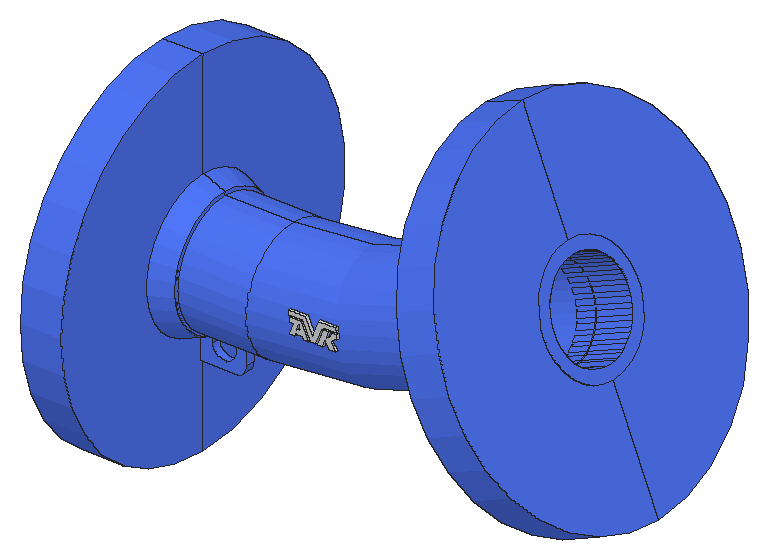
Revit family "712-0220-001-DN40", category Pipe Fittings, Revit 2019
Family settings
  Round Connector Dimension = Use Diameter
  Part Type = Elbow
  Work Plane-Based = No
  Always vertical = Yes
  Cut with Voids When Loaded = No
  Shared = No
Parameters (values of type "DN040_PN10/16")
  Rf_Dia = 42 mm
  RF_Thick = 3 mm
  L_Ref = 40 mm
  L = 94 mm  # constant formula
  ID(Radius) = [Nominal Diameter(DN)] / 2  # 20 mm
  Flange_thickness = 17 mm  # constant formula
  Nominal Diameter(DN) = 40 mm  # constant formula
  FOD = 75 mm
  URL product pages = "https://www.avkvalves.com/P.aspx?no=712004002201"
  Description_ = "AVK FLANGED BEND 22.5° W/LOOSE FLANGES"
  DN040_PN10/16 = "712-0040-02-201"
  DN040_ PN10/16 = yes
  Body_wallthickness = 15 mm + [Nominal Diameter(DN)]  # 55 mm
  Angle = 22.50°  # constant formula
Reference planes
  plane 1 "Center (Front/Back)": y = 0
  plane 2: z = 0
  plane 3 "Center (Left/Right)": x = 0
  plane 4: x = 94
  plane 5: through (94.911, -1524, -2.2) normal (0.9239, 0, 0.3827)
  plane 6: through (181.773, -1524, 33.779) normal (0.9239, 0, 0.3827)
  plane 7: through (94, -1524, 0) normal (-0.3827, 0, 0.9239)
  plane 8: z = 10.811
  plane 9: z = -40
  plane 10: x = 37
  plane 11: x = 32
  plane 12: z = -35
Forms (mm)
  Sweep 1, solid, material "Plastic"
    path origin (0, 0, 0) x (1, 0, 0) y (0, 0, -1)
      loop
        line (0, 0) -> (55.212, 0)
        arc (55.212, 0) -> (93.255, -3.747) -> (129.835, -14.843) r 195
        line (129.835, -14.843) -> (180.861, -35.979)
    profile origin (27.606, 0, 0) x (0, 0, 1) y (0, -1, 0)
      loop
        circle (0, 0) r 20
      loop
        circle (0, 0) r 25
  Revolve 2, solid, material "Plastic"
    sketch origin (0, 0, 0) x (1, 0, 0) y (0, 0, -1)
      loop
        line (0, 20) -> (17, 20) -> (17, 75) -> (0, 75) -> (0, 20)
      axis (0, 0) -> (17, 0)
    angle from 0 to 360
  Revolve 3, solid, material "Plastic"
    sketch origin (0, 0, 0) x (1, 0, 0) y (0, 0, -1)
      loop
        line (188.515, -17.502) -> (209.563, 33.312) -> (193.857, 39.817) -> (172.809, -10.996) -> (188.515, -17.502)
      axis (180.861, -35.979) -> (165.156, -29.474)
    angle from 0 to 360
  Revolve 4, solid, material "Plastic"
    sketch origin (0, 0, 0) x (1, 0, 0) y (0, 0, -1)
      loop
        line (17, 20) -> (26.239, 20) -> (26.239, 26.173) -> (17, 30) -> (17, 20)
      axis (17, 0) -> (26.239, 0)
    angle from 0 to 360
  Revolve 5, solid, material "Plastic"
    sketch origin (0, 0, 0) x (1, 0, 0) y (0, 0, -1)
      loop
        line (172.809, -10.996) -> (176.15, -2.929) -> (167.191, -1.988) -> (164.829, -7.69) -> (172.809, -10.996)
      axis (165.156, -29.474) -> (157.175, -26.168)
    angle from 0 to 360
  Extrusion 6, solid, material "Plastic"
    sketch origin (0, 0, 0) x (1, 0, 0) y (0, 0, 1)
      loop
        line (17, -20) -> (17, -40) -> (32, -40)
        arc (32, -40) -> (35.536, -38.536) -> (37, -35) r 5
        line (37, -35) -> (37, -20) -> (17, -20)
      loop
        circle (27.634, -31.431) r 5
    from -1.659 to 1.659
Dimensions and locks
  locked: plane 4 to plane 3 "Center (Left/Right)" at 94
  locked: plane 5 to plane 6 at 94.018
  "Flange_thickness": Revolve 2 sketch curve to plane 3 "Center (Left/Right)"
  "ID(Radius)": Revolve 3 sketch curve to plane 7
  "FOD": Revolve 3 sketch curve to plane 7
  "Flange_thickness": Revolve 3 sketch curve to Revolve 3 sketch curve
  locked: Revolve 2 to Revolve 4 sketch curve at 9.239
  locked: Revolve 4 sketch curve to Revolve 4 sketch curve at 10
  locked: Revolve 4 sketch curve to Revolve 4 sketch curve at 6.173
  "ID(Radius)": Revolve 5 sketch curve to plane 7
  locked: Revolve 5 sketch curve to Revolve 3 at 8.638
  locked: Revolve 5 sketch curve to Revolve 5 sketch curve at 6.172
  locked: Revolve 5 sketch curve to Revolve 5 sketch curve at 8.731
  locked: level to Extrusion 6 sketch curve at 20
  locked: level to Extrusion 6 sketch curve at 40
  equal spacing: Extrusion 6, plane 1 "Center (Front/Back)", Extrusion 6
  locked: Extrusion 6 to Extrusion 6 at 3.318
  "ID(Radius)": radius of Sweep 1 sketch curve
  diameter of Sweep 1 sketch curve = 50 mm
  locked: plane 4 to plane 5 (angle 22.50°)
  locked: plane 3 "Center (Left/Right)" to plane 6 (angle 22.50°)
  aligned and locked: level to plane 2
  aligned and locked: Sweep 1 sketch curve to plane 3 "Center (Left/Right)"
  aligned and locked: plane 6 to Sweep 1 sketch curve
  aligned and locked: plane 3 "Center (Left/Right)" to Revolve 2 sketch curve
  aligned and locked: Revolve 2 sketch curve to Sweep 1
  aligned and locked: plane 6 to Revolve 3 sketch curve
  aligned and locked: Revolve 3 sketch curve to plane 7
  aligned and locked: Revolve 4 sketch curve to Revolve 2
  aligned and locked: Revolve 5 sketch curve to Revolve 3
  aligned and locked: Revolve 5 sketch curve to plane 7
  aligned and locked: plane 11 to Extrusion 6 sketch curve
  aligned and locked: plane 10 to Extrusion 6 sketch curve
  aligned and locked: plane 12 to Extrusion 6 sketch curve
Automatic sketch dimensions
  Sweep 1 sketch curve to plane 7 = 0 mm  (x2)
  Sweep 1 sketch curve to Sweep 1 sketch curve = 180.157 mm
  Revolve 4 sketch curve to plane 3 "Center (Left/Right)" = 17 mm
  Revolve 4 sketch curve to Revolve 4 sketch curve = 20 mm  (x2)
  Sweep 1 sketch curve to plane 4 = 38.788 mm
  plane 4 to Sweep 1 sketch curve = 35.835 mm
  level to Revolve 4 sketch curve = 20 mm
  Extrusion 6 sketch curve to Extrusion 6 sketch curve = 10.634 mm
  Extrusion 6 sketch curve to Extrusion 6 sketch curve = 4.366 mm
  Extrusion 6 sketch curve to Extrusion 6 sketch curve = 3.569 mm
  Sweep 1 sketch curve to Sweep 1 sketch curve = 0 mm  (x2)
  Sweep 1 sketch curve to plane 1 "Center (Front/Back)" = 0 mm
  profile plane to Sweep 1 sketch curve = 0 mm
  Revolve 2 sketch curve to level = 0 mm
  level to Revolve 2 sketch curve = 20 mm
  Revolve 2 sketch curve to Revolve 2 sketch curve = 55 mm
  Revolve 2 sketch curve to plane 3 "Center (Left/Right)" = 20 mm
  Revolve 3 sketch curve to plane 6 = 0 mm
  Revolve 3 sketch curve to plane 8 = 18.662 mm
  Revolve 5 sketch curve to plane 8 = 12.922 mm
  Revolve 5 sketch curve to plane 8 = 18.662 mm
  radius of Extrusion 6 sketch curve = 5 mm
Nested families
  nested 1: "Latest New" at (84.497, -24.966, 0.902) x (1, 0.0077, 0.0004) z (0.0077, -0.9987, -0.0512), type "Latest New"
Connectors
  piping at (180.861, 0, 35.979), diameter 40, driven by "Nominal Diameter(DN)"
    settings: on Revolve 3, index 1, connector inside diameter 609.6 mm, connector length 0 mm, flow factor 0, pipe flow 0.0 L/s, pressure drop 0.0 Pa, fitting loss kfactor 0, connector angle 0.00°, fixture units 0, engagement length 0 mm, angle of deflection 0.00°, flow configuration 0, flow direction 0, fitting loss method 0, system type 7, joint type 0, gender type 0, connector reference index -1, connector utility 0, adjustable connector no, is connector primary yes, connector description ""
  piping at (0, 0, 0), diameter 40, driven by "Nominal Diameter(DN)"
    settings: on Revolve 2, index 2, connector inside diameter 609.6 mm, connector length 0 mm, flow factor 0, pipe flow 0.0 L/s, pressure drop 0.0 Pa, fitting loss kfactor 0, connector angle 0.00°, fixture units 0, engagement length 0 mm, angle of deflection 0.00°, flow configuration 0, flow direction 0, fitting loss method 0, system type 7, joint type 0, gender type 0, connector reference index -1, connector utility 0, adjustable connector no, is connector primary no, connector description ""
Definition of nested family "Latest New"
  Parameters
    Default Elevation = 1219.2 mm
  Reference planes
    plane 1 "Center (Front/Back)": y = 0
    plane 2: z = 0
    plane 3 "Center (Left/Right)": x = 0
  Forms (mm)
    Extrusion 1, solid
      sketch origin (0, 0, 0) x (1, 0, 0) y (0, 1, 0)
        loop
          line (-1219.2, 1219.2) -> (-1219.2, -1219.2) -> (1219.2, -1219.2) -> (1219.2, 1219.2) -> (-1219.2, 1219.2)
      from 0 to -304.8
    Extrusion 2, solid
      sketch origin (0, 0, 0) x (1, 0, 0) y (0, 1, 0)
        loop
          line (-2.683, 9.413) -> (-9.884, 9.413) -> (-9.884, 7.46) -> (-4.022, 7.46) -> (-0.985, 0) -> (0.985, 0) -> (4.022, 7.46) -> (9.884, 7.46) -> (9.884, 9.413) -> (2.683, 9.413) -> (0, 2.824) -> (-2.683, 9.413)
        loop
          line (-4.528, 6.707) -> (-9.884, 6.707) -> (-9.884, 4.824) -> (-8.032, 4.824) -> (-9.884, 0) -> (-7.792, 0) -> (-7.394, 1.035) -> (-4.328, 1.035) -> (-3.907, 0) -> (-1.798, 0) -> (-4.528, 6.707)
        loop
          line (-6.91, 2.824) -> (-5.056, 2.824) -> (-6.01, 5.167) -> (-6.91, 2.824)
        loop
          line (1.798, 0) -> (3.907, 0) -> (4.98, 2.637) -> (6.968, 0) -> (9.413, 0) -> (7.166, 2.983)
          arc (7.166, 2.983) -> (8.216, 3.774) -> (9.007, 4.824) r 4.724
          line (9.007, 4.824) -> (9.884, 4.824) -> (9.884, 6.707) -> (8.001, 6.707)
          arc (8.001, 6.707) -> (7.315, 5.008) -> (5.642, 4.261) r 2.448
          line (5.642, 4.261) -> (6.637, 6.707) -> (4.528, 6.707) -> (1.798, 0)
      from 0 to 1
  Dimensions and locks
    aligned and locked: plane 2 to Extrusion 1
    aligned and locked: level to Extrusion 1
    aligned and locked: Extrusion 2 sketch curve to import instance  (x30)
